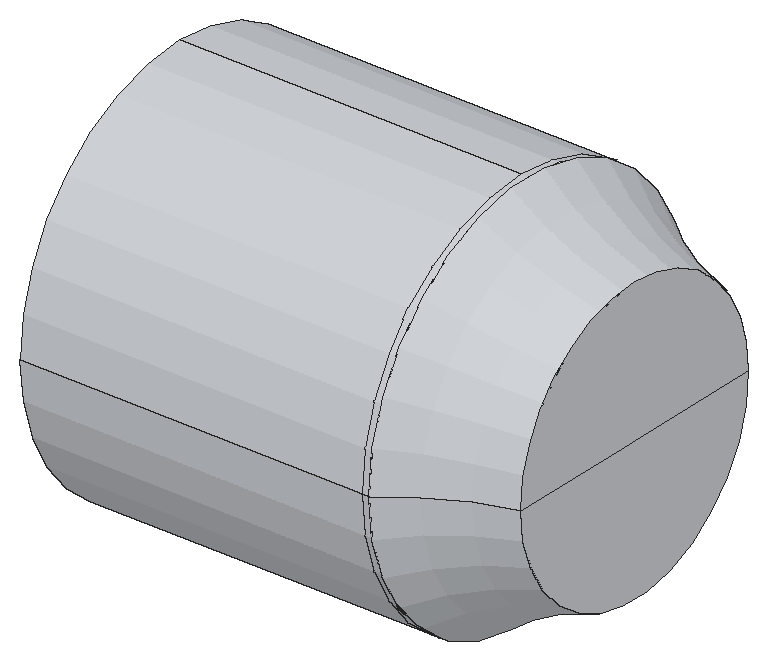
Revit family "be12bd136c2641368f1b488fd183dc27", category Duct Fittings, Revit 2021
Family settings
  Round Connector Dimension = Use Radius
  Part Type = Tap - Adjustable
  OmniClass Number = 23.75.70.14
  OmniClass Title = Air Ductwork
  Seek Item ID = Round Takeoff - Bellmouth-0000-USA-ENU
  Work Plane-Based = No
  Always vertical = Yes
  Cut with Voids When Loaded = No
  Shared = No
Parameters (values of type "Standard")
  built-in parameter 1114214 [instance] = 1' - 0"
  built-in parameter 1114213 [instance] = 0' - 4"
  built-in parameter 1114215 [instance] = if(Duct Diameter 2 > 1' 4", Duct Diameter 2 * 0.25, 0' 4")  # 0.33333 (stored number, unit not read)
  Default Elevation = 0' - 0"
  Adjustment Radius [instance] = 2"
  Duct Radius 2 [instance] = 5"
  Duct Length 2 [instance] = 1 / 3 * [built-in parameter 1114213]  # 1.33333"
  Duct Length 1 [instance] = 0' 0 1/4"  # 1/4"
  Duct Radius 1 [instance] = Duct Radius 2 + Adjustment Radius  # 7"
  Duct Diameter 2 [instance] = Duct Radius 2 * 2  # 10"
  Duct Diameter 1 [instance] = Duct Radius 1 * 2  # 14"
  Assembly Code = ""
Reference planes (in)
  plane 1 "Center (Front/Back)": y = 0
  plane 2: z = 0
  plane 3 "Center (Left/Right)": x = 0
  plane 4: x = -12
  plane 5: x = 4
  plane 6: x = 0.25
  plane 7: x = 1.58333
  plane 8: y = 7
  plane 9: y = 5
  plane 10: y = 6
  plane 11: y = 6
  plane 12: y = 6
Forms (in)
  Sweep 1, solid, detail levels medium+fine
    path in 3D
      loop
        line (-12, 0, 0) -> (0, 0, 0)
    profile "Duct - Round - Bellmouth : Duct - Round Cone Base" origin (-6, 0, 0) x (0, 1, 0) y (0, 0, 1)
      loop
        arc (-7, 0) -> (-4.94975, -4.94975) -> (0, -7) r 7
        arc (0, -7) -> (4.94975, -4.94975) -> (7, 0) r 7
        arc (7, 0) -> (4.94975, 4.94975) -> (0, 7) r 7
        arc (0, 7) -> (-4.94975, 4.94975) -> (-7, 0) r 7
  Revolve 2, solid, detail levels medium+fine
    sketch origin (0, 0, 0) x (1, 0, 0) y (0, 1, 0)
      loop
        line (0, 0) -> (4, 0) -> (4, 5)
        arc (4, 5) -> (2.01111, 5.78646) -> (0.25, 7) r 9.45035
        line (0.25, 7) -> (0, 7) -> (0, 0)
      axis (4, 0) -> (0, 0)
    angle from 0 to 360
  Extrusion 3, solid, detail levels medium+fine
    sketch origin (0, 0, 0) x (0, 1, 0) y (0, 0, 1)
      loop
        circle (0, 0) r 0.125
    from 0 to 4
Cuts and joins
  joined: Sweep 1, Revolve 2, Extrusion 3
Lines and regions (in)
  reference lines
    curve 1: line (0, 0, 0) -> (4, 0, 0)
    curve 2: line (-12, 0, 0) -> (0, 0, 0)
  sketch lines
    curve 3: line (-12, 0, 0) -> (0, 0, 0)
  model lines, style "DuctFitting", not visible, detail levels coarse
    curve 4: line (-12, 0, 0) -> (0, 0, 0)
    curve 5: line (0, 0, 0) -> (4, 0, 0)
Dimensions and locks (in)
  "built-in parameter 1114213": plane 3 "Center (Left/Right)" to plane 5
  "built-in parameter 1114214": plane 4 to plane 3 "Center (Left/Right)"
  "Duct Length 1": plane 3 "Center (Left/Right)" to plane 6
  "Duct Length 2": plane 6 to plane 7
  "Duct Radius 1": plane 1 "Center (Front/Back)" to plane 8
  "Duct Radius 2": plane 9 to plane 1 "Center (Front/Back)"
  equal spacing: plane 8, plane 10, plane 9
  aligned and locked: plane 5 to curve 1
  aligned and locked: plane 3 "Center (Left/Right)" to curve 1
  aligned and locked: plane 1 "Center (Front/Back)" to curve 1
  aligned and locked: plane 4 to curve 2
  aligned and locked: plane 1 "Center (Front/Back)" to curve 2
  aligned and locked: plane 3 "Center (Left/Right)" to curve 5
  aligned and locked: plane 4 to curve 4
  aligned and locked: plane 1 "Center (Front/Back)" to curve 4
  aligned and locked: Revolve 2 sketch curve to plane 8
  aligned and locked: plane 1 "Center (Front/Back)" to Extrusion 3 sketch curve
  aligned and locked: plane 2 to Extrusion 3 sketch curve
  aligned and locked: plane 5 to Extrusion 3
  aligned and locked: Extrusion 3 to plane 3 "Center (Left/Right)"
  aligned and locked: plane 9 to Revolve 2 sketch curve
  aligned and locked: plane 6 to Revolve 2 sketch curve
  aligned and locked: plane 3 "Center (Left/Right)" to Revolve 2 sketch curve
Automatic sketch dimensions
  Revolve 2 sketch curve to plane 1 "Center (Front/Back)" = 0' - 0"  (x2)
  Revolve 2 sketch curve to plane 5 = 0' - 0"
  Revolve 2 sketch curve to plane 4 = 4' - 0"
  plane 5 to Revolve 2 sketch curve = 0' - 2.45833"
  Revolve 2 sketch curve to Revolve 2 sketch curve = 4' - 0"
  curve 5 to plane 5 = 0' - 0"
  radius of Extrusion 3 sketch curve = 0' - 0 1/8"
Connectors (in)
  hvac at (0, 0, 0), driven by "Duct Radius 2"
    settings: on Sweep 1, index 1, duct flow 0 CFM, flow factor 0, pres drop 0.00 in-wg, loss coef 0, conn angle 0.00°, conn width 12", conn height 12", conn diameter 10", duct sys type 28, conn prof type 0, flow config 0, flow direction 0, loss method 0, conn ref index 2, conn util no, is conn primary yes, conn desc ""
  hvac at (4, 0, 0), driven by "Duct Radius 2"
    settings: on Extrusion 3, index 2, duct flow 0 CFM, flow factor 0, pres drop 0.00 in-wg, loss coef 0, conn angle 0.00°, conn width 12", conn height 12", conn diameter 10", duct sys type 28, conn prof type 0, flow config 0, flow direction 0, loss method 0, conn ref index 1, conn util no, is conn primary no, conn desc ""
